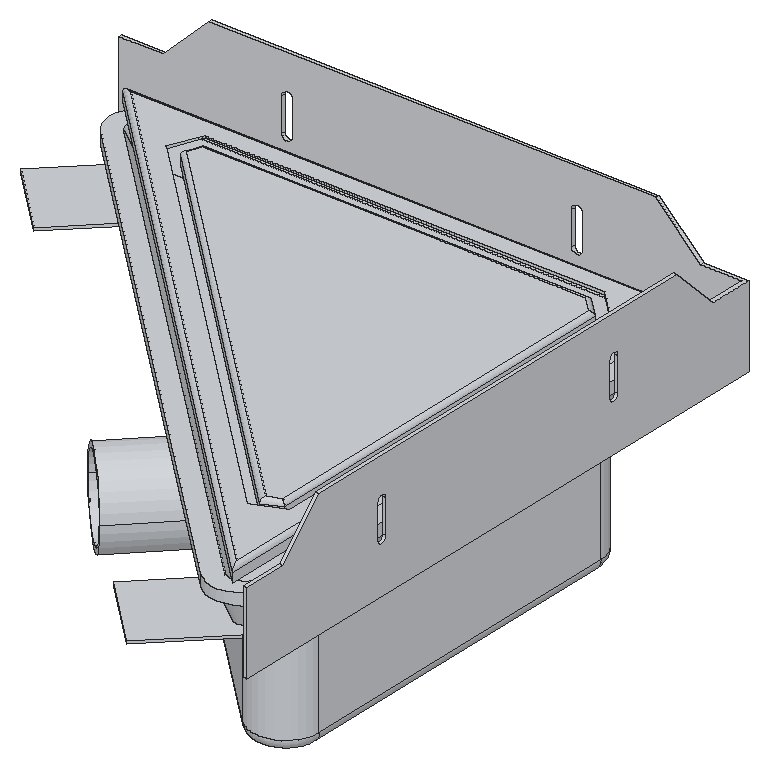
Revit family "S-793", category Aparatos sanitarios, Revit 2015
Parameters (values of type "S-793_40_RHOMBUS")
  WFU = 1
  URL = "http://www.jimten.com/es/producto/370/sumidero-linnum-triangular-sorientable"
  Sello hidráulico = "50 mm"  # constant formula
  Salida = "40H"
  Rejilla = INOX AISI304
  Referencia = "13356"
  Modelo = "S-793"  # constant formula
  Medida = "236mm x 331mm x 236 mm"
  Material = ABS
  Hmin = 6 mm  # constant formula
  Hmax = 16 mm  # constant formula
  H_calculo [instance] = if(H_AlturaRejilla < Hmax, if(H_AlturaRejilla > Hmin, H_AlturaRejilla, Hmin), Hmax)  # 10 mm
  H_AlturaRejilla [instance] = 10 mm
  Fabricante = "Jimten"  # constant formula
  F = 50 mm
  E = 40 mm
  Dmin = 10 mm  # constant formula
  Dmax = 26 mm  # constant formula
  Descripción = "SUMIDERO TRIANGULAR PARA PLATOS DE DUCHA DE OBRA EN ESQUINA, SIFON EXTRAIBLE, SALIDA HORIZONTAL ORIENTABLE, CON REJILLA RHOMBUS, REGULACION DE ALTURA"  # constant formula
  D_calculo [instance] = if(D < Dmax, if(D > Dmin, D, Dmin), Dmax)  # 10 mm
  D [instance] = 10 mm
  Comentarios de tipo = "CON FIJACION A PARED, CON PRENSATELAS PARA LÁMINAS IMPERMEABILIZANTES GEOTEXTILES O DE PVC. CON PROTECCION DE OBRA.  CON REJILLA REGULABLE EN ALTURA."  # constant formula
  Caudal = 0.8 L/s  # constant formula
  Altura total mínima = "98-108mm"  # constant formula
Types (2, lengths in mm): name | Salida | Referencia
  S-793_40-50_RHOMBUS | "40M/50M" | "13357"
  S-793_40_RHOMBUS | "40H" | "13356"
Reference planes
  plane 1 "Center (Front/Back)": y = 0
  plane 2: z = 0
  plane 3 "Center (Left/Right)": x = 0
  plane 4: z = -10
  plane 5: y = -10
  plane 6: x = -10
Dimensions and locks
  "H_calculo": level to plane 4
  "D_calculo": plane 5 to plane 1 "Center (Front/Back)"
  "D_calculo": plane 6 to plane 3 "Center (Left/Right)"
  locked: nested 2 to nested 1 at 9.5
  locked: nested 1 to nested 2 at 9.5
  aligned and locked: level to plane 2
  aligned and locked: plane 4 to nested 1
  aligned and locked: plane 6 to nested 1
  aligned and locked: plane 5 to nested 1
  aligned and locked: plane 1 "Center (Front/Back)" to nested 3
  aligned and locked: plane 3 "Center (Left/Right)" to nested 3
  aligned and locked: nested 3 to nested 1
Nested families
  nested 1: "S-793_Outlet" at (-10, -10, -10), type "S-793_Outlet"
  nested 2: "S-793_RejillaRhombus" at (-10, -10, 0), type "S-793_RejillaRhombus"
  nested 3: "S-793_Fijo" at (0, 0, -29), type "S-793_Fijo"
Connectors
  piping at (-162.514, -162.514, -66.621), diameter 40, driven by "E", driven by "WFU", driven by "Caudal"
    settings: on nested 1, index 1, connector inside diameter 609.6 mm, connector length 0 mm, flow factor 0, pipe flow 0.8 L/s, pressure drop 0.0 Pa, fitting loss kfactor 0, connector angle 0.00°, fixture units 1, engagement length 0 mm, angle of deflection 0.00°, flow configuration 0, flow direction 2, fitting loss method 0, system type 16, joint type 0, gender type 0, connector reference index -1, connector utility 0, adjustable connector yes, is connector primary yes, connector description ""
Definition of nested family "S-793_Outlet"
  Parameters (values of type "S-790_Outlet")
    MaterialOutlet = none
    F = 50 mm
    Eint = E - 5 mm  # 35 mm
    E = 40 mm
    G = 91.778 mm
    C = 394.5 mm
    B = 255 mm
    A = 188 mm
  Reference planes
    plane 1 "Center (Front/Back)": y = 0
    plane 2: z = 0
    plane 3 "Center (Left/Right)": x = 0
    plane 4: z = -91.778
    plane 5 "E2": z = -56.621
    plane 6: x = -255
    plane 7: y = -255
    plane 8 "A1": through (-265.872, -10.872, 1200) normal (0.7071, 0.7071, 0)
    plane 9 "A2": through (-127.339, 116.466, 1200) normal (0.7071, 0.7071, 0)
    plane 10 "E": through (-196.532, -51.928, 1200) normal (0.7071, 0.7071, 0)
    plane 11: through (0, 0, 1200) normal (0.7071, -0.7071, 0)
    plane 12: through (-318.87, 13.842, 1200) normal (0.7071, 0.7071, 0)
  Forms (mm)
    Sweep 1, solid
      path origin (0, 0, 0) x (1, 0, 0) y (0, 1, 0)
        loop
          line (-250.284, -26.46) -> (-26.46, -250.284)
          arc (-26.46, -250.284) -> (-9.568, -253.644) -> (0, -239.324) r 15.5
          line (0, -239.324) -> (0, -18.5)
          arc (0, -18.5) -> (-5.419, -5.419) -> (-18.5, 0) r 18.5
          line (-18.5, 0) -> (-239.324, 0)
          arc (-239.324, 0) -> (-253.644, -9.568) -> (-250.284, -26.46) r 15.5
      profile origin (-138.372, -138.372, 0) x (0.707107, 0.707107, 0) y (0, 0, 1)
        loop
          line (0, 0) -> (0, -5) -> (5, -5) -> (11.133, -19) -> (14.402, -19) -> (14.402, -14) -> (8.268, 0) -> (0, 0)
    Extrusion 2, solid
      sketch origin (0, 0, 0) x (1, 0, 0) y (0, 1, 0)
        loop
          line (-240.101, -16.277) -> (-16.277, -240.101)
          arc (-16.277, -240.101) -> (-15.08, -240.339) -> (-14.402, -239.324) r 1.098
          line (-14.402, -239.324) -> (-14.402, -18.5)
          arc (-14.402, -18.5) -> (-15.602, -15.602) -> (-18.5, -14.402) r 4.098
          line (-18.5, -14.402) -> (-239.324, -14.402)
          arc (-239.324, -14.402) -> (-240.339, -15.08) -> (-240.101, -16.277) r 1.098
        loop
          circle (-80.08, -80.08) r 25
      from -19 to -14
    Sweep 3, solid
      path origin (131.491, -10.422, -19) x (0, -1, 0) y (1, 0, 0)
        loop
          line (9.578, -166.491) -> (9.578, -323.738)
          arc (9.578, -323.738) -> (18.838, -337.596) -> (35.185, -334.344) r 15
          line (35.185, -334.344) -> (192.432, -177.098)
          arc (192.432, -177.098) -> (195.683, -160.751) -> (181.825, -151.491) r 15
          line (181.825, -151.491) -> (24.578, -151.491)
          arc (24.578, -151.491) -> (13.971, -155.884) -> (9.578, -166.491) r 15
      profile origin (-113.623, -20, -19) x (0, -1, 0) y (0, 0, 1)
        loop
          line (0, 0) -> (0, -67.778)
          arc (0, -67.778) -> (1.464, -71.314) -> (5, -72.778) r 5
          line (5, -72.778) -> (5, 0) -> (0, 0)
    Extrusion 4, solid
      sketch origin (0, 0, 0) x (1, 0, 0) y (0, 1, 0)
        loop
          line (-199.318, -42.071) -> (-42.071, -199.318)
          arc (-42.071, -199.318) -> (-31.173, -201.486) -> (-25, -192.247) r 10
          line (-25, -192.247) -> (-25, -35)
          arc (-25, -35) -> (-27.929, -27.929) -> (-35, -25) r 10
          line (-35, -25) -> (-192.247, -25)
          arc (-192.247, -25) -> (-201.486, -31.173) -> (-199.318, -42.071) r 10
      from -91.778 to -86.6
    Extrusion 5, solid
      sketch origin (-105.039, -143.421, 0) x (-0.707107, 0.707107, 0) y (0, 0, 1)
        loop
          circle (27.14, -56.621) r 20
        loop
          circle (27.14, -56.621) r 17.5
      from -40 to 0
    Extrusion 6, void
      sketch origin (-124.23, -124.23, 0) x (-0.707107, 0.707107, 0) y (0, 0, 1)
        loop
          circle (0, -56.621) r 17.5
      from 0 to 5
  Cuts and joins
    joined: Sweep 1, Extrusion 2
    Extrusion 6 cuts Sweep 3
    joined: Sweep 3, Extrusion 4, Extrusion 5
  Dimensions and locks
    "G": level to plane 4
    plane 5 "E2" to plane 4 = 35.157 mm
    "B": plane 6 to plane 3 "Center (Left/Right)"
    "B": plane 7 to plane 1 "Center (Front/Back)"
    "A": plane 9 "A2" to plane 8 "A1"
    plane 8 "A1" to plane 12 = 20 mm
    "Eint": diameter of Extrusion 5 sketch curve
    "E": diameter of Extrusion 5 sketch curve
    aligned and locked: level to plane 2
    aligned and locked: Sweep 1 sketch curve to plane 1 "Center (Front/Back)"
    aligned and locked: plane 3 "Center (Left/Right)" to Sweep 1 sketch curve
    aligned and locked: Sweep 1 sketch curve to plane 8 "A1"
    aligned and locked: Extrusion 2 sketch curve to Sweep 1  (x3)
    aligned and locked: Sweep 1 to Extrusion 2
    aligned and locked: Extrusion 2 to Sweep 1
    aligned and locked: Sweep 3 to plane 4
    aligned and locked: Sweep 3 to cut or joined group of Sweep 1, Extrusion 2
    aligned and locked: Extrusion 4 sketch curve to Sweep 3  (x3)
    aligned and locked: Extrusion 4 to Sweep 3
    aligned and locked: plane 5 "E2" to Extrusion 5 sketch curve
    aligned and locked: Extrusion 6 sketch curve to Extrusion 5
    aligned and locked: Extrusion 5 to plane 12
  Automatic sketch dimensions
    plane 7 to Sweep 1 sketch curve = 15.676 mm
    Sweep 1 sketch curve to plane 3 "Center (Left/Right)" = 18.5 mm
    plane 7 to Sweep 1 sketch curve = 4.716 mm
    plane 6 to Sweep 1 sketch curve = 15.676 mm
    plane 6 to Sweep 1 sketch curve = 4.716 mm
    Sweep 1 sketch curve to profile plane = 0 mm
    Sweep 1 sketch curve to level = 0 mm
    Sweep 1 sketch curve to profile plane = 8.268 mm
    Sweep 1 sketch curve to profile plane = 11.133 mm
    Sweep 1 sketch curve to Sweep 1 sketch curve = 3.268 mm
    Sweep 1 sketch curve to Sweep 1 sketch curve = 5 mm  (x2)
    Sweep 1 sketch curve to Sweep 1 sketch curve = 14 mm
    Sweep 1 sketch curve to profile plane = 5 mm
    Extrusion 2 sketch curve to Extrusion 2 sketch curve = 0.777 mm
    Extrusion 2 sketch curve to plane 3 "Center (Left/Right)" = 80.08 mm
    plane 7 to Extrusion 2 sketch curve = 14.899 mm
    plane 1 "Center (Front/Back)" to Extrusion 2 sketch curve = 80.08 mm
    Sweep 3 sketch curve to Sweep 3 sketch curve = 15 mm
    Sweep 3 sketch curve to Sweep 3 sketch curve = 10.607 mm  (x2)
    Sweep 3 sketch curve to Sweep 3 sketch curve = 157.247 mm  (x3)
    Sweep 3 sketch curve to profile plane = 0 mm  (x2)
    Sweep 3 sketch curve to profile plane = 5 mm
    Sweep 3 sketch curve to profile plane = 67.778 mm
    Extrusion 4 sketch curve to Extrusion 4 sketch curve = 7.071 mm
    plane 1 "Center (Front/Back)" to Extrusion 4 sketch curve = 42.071 mm
    plane 11 to Sweep 3 sketch curve = 0 mm
    Sweep 3 sketch curve to plane 10 "E" = 0 mm  (x2)
    Extrusion 5 sketch curve to Extrusion 5 sketch curve = 0 mm  (x2)
    Extrusion 5 sketch curve to plane 11 = 0 mm
    radius of Extrusion 2 sketch curve = 25 mm
Definition of nested family "S-793_RejillaRhombus"
  Parameters (values of type "S-793_RejillaRhombus")
    MaterialRejilla = none
    K = 169 mm
    J = 331.5 mm
    I = 236 mm
  Reference planes
    plane 1 "Center (Front/Back)": y = 0
    plane 2: z = 0
    plane 3 "Center (Left/Right)": x = 0
    plane 4: x = -255
    plane 5: y = -255
    plane 6 "A1": through (-265.872, -10.872, 1200) normal (0.7071, 0.7071, 0)
    plane 7 "A2": through (-127.339, 116.466, 1200) normal (0.7071, 0.7071, 0)
    plane 8: through (0, 0, 1200) normal (0.7071, -0.7071, 0)
    plane 9: through (-301.281, 37.971, 1200) normal (0.7071, 0.7071, 0)
    plane 10: through (-188.106, 163.799, 1200) normal (0.7071, 0.7071, 0)
    plane 11: y = -9.5
    plane 12: y = -245.5
    plane 13: x = -245.5
    plane 14: x = -9.5
    plane 15 "lineas de modelo": z = 1
  Forms (mm)
    Extrusion 1, solid
      sketch origin (0, 0, 0) x (1, 0, 0) y (0, 1, 0)
        loop
          line (-30.531, -19.5) -> (-209.244, -19.5) -> (-215.226, -33.942) -> (-33.942, -215.226) -> (-19.5, -209.244) -> (-19.5, -30.531) -> (-30.531, -19.5)
        loop
          line (-248.981, -11.5) -> (-11.5, -248.981) -> (-11.5, -11.5) -> (-248.981, -11.5)
      from -1 to 0
    Sweep 2, solid
      path origin (0, 0, 0) x (1, 0, 0) y (0, 1, 0)
        loop
          line (-209.328, -32.768) -> (-32.768, -209.328) -> (-24.5, -205.903) -> (-24.5, -32.602) -> (-32.602, -24.5) -> (-205.903, -24.5) -> (-209.328, -32.768)
      profile origin (-121.048, -121.048, 0) x (0.707107, 0.707107, 0) y (0, 0, 1)
        loop
          line (0, -2) -> (0, -6) -> (2, -6) -> (2, 0)
          arc (2, 0) -> (0.586, -0.586) -> (0, -2) r 2
    Extrusion 3, solid
      sketch origin (0, 0, 0) x (1, 0, 0) y (0, 1, 0)
        loop
          line (-206.969, -32.299) -> (-32.299, -206.969) -> (-26.5, -204.567) -> (-26.5, -33.43) -> (-33.43, -26.5) -> (-204.567, -26.5) -> (-206.969, -32.299)
      from -1 to 0
    Sweep 4, solid
      path origin (-265, 0, 0) x (1, 0, 0) y (0, 1, 0)
        loop
          line (11.191, -9.5) -> (255.5, -253.809) -> (255.5, -9.5) -> (11.191, -9.5)
      profile origin (-131.655, -131.655, 0) x (0.707107, 0.707107, 0) y (0, 0, 1)
        loop
          line (0, -2) -> (0, -6) -> (2, -6) -> (2, 0)
          arc (2, 0) -> (0.586, -0.586) -> (0, -2) r 2
  Cuts and joins
    joined: Extrusion 1, Sweep 4
    joined: Sweep 2, Extrusion 3
  Lines and regions (mm)
    model lines, detail levels medium+fine
      curve 1: line (-162.989, -42.638, 1) -> (-154.989, -42.638, 1)
      curve 2: line (-162.989, -50.638, 1) -> (-162.989, -42.638, 1)
      curve 3: line (-154.989, -50.638, 1) -> (-162.989, -50.638, 1)
      curve 4: line (-154.989, -42.638, 1) -> (-154.989, -50.638, 1)
      curve 5: line (-143.248, -42.638, 1) -> (-135.248, -42.638, 1)
      curve 6: line (-143.248, -50.638, 1) -> (-143.248, -42.638, 1)
      curve 7: line (-135.248, -50.638, 1) -> (-143.248, -50.638, 1)
      curve 8: line (-135.248, -42.638, 1) -> (-135.248, -50.638, 1)
      curve 9: line (-153.119, -52.509, 1) -> (-145.119, -52.509, 1)
      curve 10: line (-153.119, -60.509, 1) -> (-153.119, -52.509, 1)
      curve 11: line (-145.119, -60.509, 1) -> (-153.119, -60.509, 1)
      curve 12: line (-145.119, -52.509, 1) -> (-145.119, -60.509, 1)
      curve 13: line (-143.248, -62.379, 1) -> (-135.248, -62.379, 1)
      curve 14: line (-143.248, -70.379, 1) -> (-143.248, -62.379, 1)
      curve 15: line (-135.248, -70.379, 1) -> (-143.248, -70.379, 1)
      curve 16: line (-135.248, -62.379, 1) -> (-135.248, -70.379, 1)
      curve 17: line (-133.378, -72.25, 1) -> (-125.378, -72.25, 1)
      curve 18: line (-133.378, -80.25, 1) -> (-133.378, -72.25, 1)
      curve 19: line (-125.378, -80.25, 1) -> (-133.378, -80.25, 1)
      curve 20: line (-125.378, -72.25, 1) -> (-125.378, -80.25, 1)
      curve 21: line (-123.507, -82.121, 1) -> (-115.507, -82.121, 1)
      curve 22: line (-123.507, -90.121, 1) -> (-123.507, -82.121, 1)
      curve 23: line (-115.507, -90.121, 1) -> (-123.507, -90.121, 1)
      curve 24: line (-115.507, -82.121, 1) -> (-115.507, -90.121, 1)
      curve 25: line (-113.637, -91.991, 1) -> (-105.637, -91.991, 1)
      curve 26: line (-113.637, -99.991, 1) -> (-113.637, -91.991, 1)
      curve 27: line (-105.637, -99.991, 1) -> (-113.637, -99.991, 1)
      curve 28: line (-105.637, -91.991, 1) -> (-105.637, -99.991, 1)
      curve 29: line (-103.766, -101.862, 1) -> (-95.766, -101.862, 1)
      curve 30: line (-103.766, -109.862, 1) -> (-103.766, -101.862, 1)
      curve 31: line (-95.766, -109.862, 1) -> (-103.766, -109.862, 1)
      curve 32: line (-95.766, -101.862, 1) -> (-95.766, -109.862, 1)
      curve 33: line (-93.896, -111.732, 1) -> (-85.896, -111.732, 1)
      curve 34: line (-93.896, -119.732, 1) -> (-93.896, -111.732, 1)
      curve 35: line (-85.896, -119.732, 1) -> (-93.896, -119.732, 1)
      curve 36: line (-85.896, -111.732, 1) -> (-85.896, -119.732, 1)
      curve 37: line (-84.025, -121.603, 1) -> (-76.025, -121.603, 1)
      curve 38: line (-84.025, -129.603, 1) -> (-84.025, -121.603, 1)
      curve 39: line (-76.025, -129.603, 1) -> (-84.025, -129.603, 1)
      curve 40: line (-76.025, -121.603, 1) -> (-76.025, -129.603, 1)
      curve 41: line (-74.155, -131.473, 1) -> (-66.155, -131.473, 1)
      curve 42: line (-74.155, -139.473, 1) -> (-74.155, -131.473, 1)
      curve 43: line (-66.155, -139.473, 1) -> (-74.155, -139.473, 1)
      curve 44: line (-66.155, -131.473, 1) -> (-66.155, -139.473, 1)
      curve 45: line (-64.284, -141.344, 1) -> (-56.284, -141.344, 1)
      curve 46: line (-64.284, -149.344, 1) -> (-64.284, -141.344, 1)
      curve 47: line (-56.284, -149.344, 1) -> (-64.284, -149.344, 1)
      curve 48: line (-56.284, -141.344, 1) -> (-56.284, -149.344, 1)
      curve 49: line (-54.413, -151.214, 1) -> (-46.413, -151.214, 1)
      curve 50: line (-54.413, -159.214, 1) -> (-54.413, -151.214, 1)
      curve 51: line (-46.413, -159.214, 1) -> (-54.413, -159.214, 1)
      curve 52: line (-46.413, -151.214, 1) -> (-46.413, -159.214, 1)
      curve 53: line (-123.507, -42.638, 1) -> (-115.507, -42.638, 1)
      curve 54: line (-123.507, -50.638, 1) -> (-123.507, -42.638, 1)
      curve 55: line (-115.507, -50.638, 1) -> (-123.507, -50.638, 1)
      curve 56: line (-115.507, -42.638, 1) -> (-115.507, -50.638, 1)
      curve 57: line (-103.766, -42.638, 1) -> (-95.766, -42.638, 1)
      curve 58: line (-103.766, -50.638, 1) -> (-103.766, -42.638, 1)
      curve 59: line (-95.766, -50.638, 1) -> (-103.766, -50.638, 1)
      curve 60: line (-95.766, -42.638, 1) -> (-95.766, -50.638, 1)
      curve 61: line (-84.025, -42.638, 1) -> (-76.025, -42.638, 1)
      curve 62: line (-84.025, -50.638, 1) -> (-84.025, -42.638, 1)
      curve 63: line (-76.025, -50.638, 1) -> (-84.025, -50.638, 1)
      curve 64: line (-76.025, -42.638, 1) -> (-76.025, -50.638, 1)
      curve 65: line (-64.284, -42.638, 1) -> (-56.284, -42.638, 1)
      curve 66: line (-64.284, -50.638, 1) -> (-64.284, -42.638, 1)
      curve 67: line (-56.284, -50.638, 1) -> (-64.284, -50.638, 1)
      curve 68: line (-56.284, -42.638, 1) -> (-56.284, -50.638, 1)
      curve 69: line (-133.378, -52.509, 1) -> (-125.378, -52.509, 1)
      curve 70: line (-133.378, -60.509, 1) -> (-133.378, -52.509, 1)
      curve 71: line (-125.378, -60.509, 1) -> (-133.378, -60.509, 1)
      curve 72: line (-125.378, -52.509, 1) -> (-125.378, -60.509, 1)
      curve 73: line (-54.413, -131.473, 1) -> (-46.413, -131.473, 1)
      curve 74: line (-54.413, -139.473, 1) -> (-54.413, -131.473, 1)
      curve 75: line (-46.413, -139.473, 1) -> (-54.413, -139.473, 1)
      curve 76: line (-46.413, -131.473, 1) -> (-46.413, -139.473, 1)
      curve 77: line (-123.507, -62.379, 1) -> (-115.507, -62.379, 1)
      curve 78: line (-123.507, -70.379, 1) -> (-123.507, -62.379, 1)
      curve 79: line (-115.507, -70.379, 1) -> (-123.507, -70.379, 1)
      curve 80: line (-115.507, -62.379, 1) -> (-115.507, -70.379, 1)
      curve 81: line (-113.637, -72.25, 1) -> (-105.637, -72.25, 1)
      curve 82: line (-113.637, -80.25, 1) -> (-113.637, -72.25, 1)
      curve 83: line (-105.637, -80.25, 1) -> (-113.637, -80.25, 1)
      curve 84: line (-105.637, -72.25, 1) -> (-105.637, -80.25, 1)
      curve 85: line (-103.766, -82.121, 1) -> (-95.766, -82.121, 1)
      curve 86: line (-103.766, -90.121, 1) -> (-103.766, -82.121, 1)
      curve 87: line (-95.766, -90.121, 1) -> (-103.766, -90.121, 1)
      curve 88: line (-95.766, -82.121, 1) -> (-95.766, -90.121, 1)
      curve 89: line (-93.896, -91.991, 1) -> (-85.896, -91.991, 1)
      curve 90: line (-93.896, -99.991, 1) -> (-93.896, -91.991, 1)
      curve 91: line (-85.896, -99.991, 1) -> (-93.896, -99.991, 1)
      curve 92: line (-85.896, -91.991, 1) -> (-85.896, -99.991, 1)
      curve 93: line (-84.025, -101.862, 1) -> (-76.025, -101.862, 1)
      curve 94: line (-84.025, -109.862, 1) -> (-84.025, -101.862, 1)
      curve 95: line (-76.025, -109.862, 1) -> (-84.025, -109.862, 1)
      curve 96: line (-76.025, -101.862, 1) -> (-76.025, -109.862, 1)
      curve 97: line (-74.155, -111.732, 1) -> (-66.155, -111.732, 1)
      curve 98: line (-74.155, -119.732, 1) -> (-74.155, -111.732, 1)
      curve 99: line (-66.155, -119.732, 1) -> (-74.155, -119.732, 1)
      curve 100: line (-66.155, -111.732, 1) -> (-66.155, -119.732, 1)
      curve 101: line (-64.284, -121.603, 1) -> (-56.284, -121.603, 1)
      curve 102: line (-64.284, -129.603, 1) -> (-64.284, -121.603, 1)
      curve 103: line (-56.284, -129.603, 1) -> (-64.284, -129.603, 1)
      curve 104: line (-56.284, -121.603, 1) -> (-56.284, -129.603, 1)
      curve 105: line (-113.637, -52.509, 1) -> (-105.637, -52.509, 1)
      curve 106: line (-113.637, -60.509, 1) -> (-113.637, -52.509, 1)
      curve 107: line (-105.637, -60.509, 1) -> (-113.637, -60.509, 1)
      curve 108: line (-105.637, -52.509, 1) -> (-105.637, -60.509, 1)
      curve 109: line (-93.896, -52.509, 1) -> (-85.896, -52.509, 1)
      curve 110: line (-93.896, -60.509, 1) -> (-93.896, -52.509, 1)
      curve 111: line (-85.896, -60.509, 1) -> (-93.896, -60.509, 1)
      curve 112: line (-85.896, -52.509, 1) -> (-85.896, -60.509, 1)
      curve 113: line (-74.155, -52.509, 1) -> (-66.155, -52.509, 1)
      curve 114: line (-74.155, -60.509, 1) -> (-74.155, -52.509, 1)
      curve 115: line (-66.155, -60.509, 1) -> (-74.155, -60.509, 1)
      curve 116: line (-66.155, -52.509, 1) -> (-66.155, -60.509, 1)
      curve 117: line (-54.413, -52.509, 1) -> (-46.413, -52.509, 1)
      curve 118: line (-54.413, -60.509, 1) -> (-54.413, -52.509, 1)
      curve 119: line (-46.413, -60.509, 1) -> (-54.413, -60.509, 1)
      curve 120: line (-46.413, -52.509, 1) -> (-46.413, -60.509, 1)
      curve 121: line (-103.766, -62.379, 1) -> (-95.766, -62.379, 1)
      curve 122: line (-103.766, -70.379, 1) -> (-103.766, -62.379, 1)
      curve 123: line (-95.766, -70.379, 1) -> (-103.766, -70.379, 1)
      curve 124: line (-95.766, -62.379, 1) -> (-95.766, -70.379, 1)
      curve 125: line (-93.896, -72.25, 1) -> (-85.896, -72.25, 1)
      curve 126: line (-93.896, -80.25, 1) -> (-93.896, -72.25, 1)
      curve 127: line (-85.896, -80.25, 1) -> (-93.896, -80.25, 1)
      curve 128: line (-85.896, -72.25, 1) -> (-85.896, -80.25, 1)
      curve 129: line (-84.025, -82.121, 1) -> (-76.025, -82.121, 1)
      curve 130: line (-84.025, -90.121, 1) -> (-84.025, -82.121, 1)
      curve 131: line (-76.025, -90.121, 1) -> (-84.025, -90.121, 1)
      curve 132: line (-76.025, -82.121, 1) -> (-76.025, -90.121, 1)
      curve 133: line (-74.155, -91.991, 1) -> (-66.155, -91.991, 1)
      curve 134: line (-74.155, -99.991, 1) -> (-74.155, -91.991, 1)
      curve 135: line (-66.155, -99.991, 1) -> (-74.155, -99.991, 1)
      curve 136: line (-66.155, -91.991, 1) -> (-66.155, -99.991, 1)
      curve 137: line (-64.284, -101.862, 1) -> (-56.284, -101.862, 1)
      curve 138: line (-64.284, -109.862, 1) -> (-64.284, -101.862, 1)
      curve 139: line (-56.284, -109.862, 1) -> (-64.284, -109.862, 1)
      curve 140: line (-56.284, -101.862, 1) -> (-56.284, -109.862, 1)
      curve 141: line (-54.413, -111.732, 1) -> (-46.413, -111.732, 1)
      curve 142: line (-54.413, -119.732, 1) -> (-54.413, -111.732, 1)
      curve 143: line (-46.413, -119.732, 1) -> (-54.413, -119.732, 1)
      curve 144: line (-46.413, -111.732, 1) -> (-46.413, -119.732, 1)
      curve 145: line (-84.025, -62.379, 1) -> (-76.025, -62.379, 1)
      curve 146: line (-84.025, -70.379, 1) -> (-84.025, -62.379, 1)
      curve 147: line (-76.025, -70.379, 1) -> (-84.025, -70.379, 1)
      curve 148: line (-76.025, -62.379, 1) -> (-76.025, -70.379, 1)
      curve 149: line (-64.284, -62.379, 1) -> (-56.284, -62.379, 1)
      curve 150: line (-64.284, -70.379, 1) -> (-64.284, -62.379, 1)
      curve 151: line (-56.284, -70.379, 1) -> (-64.284, -70.379, 1)
      curve 152: line (-56.284, -62.379, 1) -> (-56.284, -70.379, 1)
      curve 153: line (-74.155, -72.25, 1) -> (-66.155, -72.25, 1)
      curve 154: line (-74.155, -80.25, 1) -> (-74.155, -72.25, 1)
      curve 155: line (-66.155, -80.25, 1) -> (-74.155, -80.25, 1)
      curve 156: line (-66.155, -72.25, 1) -> (-66.155, -80.25, 1)
      curve 157: line (-54.413, -72.25, 1) -> (-46.413, -72.25, 1)
      curve 158: line (-54.413, -80.25, 1) -> (-54.413, -72.25, 1)
      curve 159: line (-46.413, -80.25, 1) -> (-54.413, -80.25, 1)
      curve 160: line (-46.413, -72.25, 1) -> (-46.413, -80.25, 1)
      curve 161: line (-64.284, -82.121, 1) -> (-56.284, -82.121, 1)
      curve 162: line (-64.284, -90.121, 1) -> (-64.284, -82.121, 1)
      curve 163: line (-56.284, -90.121, 1) -> (-64.284, -90.121, 1)
      curve 164: line (-56.284, -82.121, 1) -> (-56.284, -90.121, 1)
      curve 165: line (-54.413, -91.991, 1) -> (-46.413, -91.991, 1)
      curve 166: line (-54.413, -99.991, 1) -> (-54.413, -91.991, 1)
      curve 167: line (-46.413, -99.991, 1) -> (-54.413, -99.991, 1)
      curve 168: line (-46.413, -91.991, 1) -> (-46.413, -99.991, 1)
  Dimensions and locks
    "K": plane 10 to plane 9
    "I": plane 13 to plane 14
    "I": plane 11 to plane 12
    aligned and locked: level to plane 2
    aligned and locked: level to Extrusion 1
    aligned and locked: Extrusion 3 sketch curve to Sweep 2  (x4)
    aligned and locked: Sweep 2 to Extrusion 3 sketch curve  (x2)
    aligned and locked: Extrusion 1 to Extrusion 3  (x2)
  Automatic sketch dimensions
    plane 13 to Sweep 2 sketch curve = 36.172 mm
    Sweep 2 sketch curve to plane 11 = 15 mm
    Sweep 2 sketch curve to Sweep 2 sketch curve = 3.425 mm  (x2)
    Sweep 2 sketch curve to plane 14 = 23.268 mm
    Sweep 2 sketch curve to plane 14 = 23.102 mm
    Sweep 2 sketch curve to Sweep 2 sketch curve = 8.102 mm  (x2)
    Sweep 2 sketch curve to Sweep 2 sketch curve = 8.268 mm
    plane 12 to Sweep 2 sketch curve = 39.597 mm
    Sweep 2 sketch curve to profile plane = 0 mm
    Sweep 2 sketch curve to level = 0 mm
    Sweep 2 sketch curve to profile plane = 2 mm
    Sweep 2 sketch curve to Sweep 2 sketch curve = 4 mm
    Sweep 4 sketch curve to profile plane = 0 mm
    Sweep 4 sketch curve to level = 0 mm
    Sweep 4 sketch curve to profile plane = 2 mm
    Sweep 4 sketch curve to Sweep 4 sketch curve = 4 mm
    Extrusion 1 sketch curve to plane 8 = 0 mm
    plane 13 to Extrusion 1 sketch curve = 30.274 mm
    Extrusion 1 sketch curve to Extrusion 1 sketch curve = 5.982 mm  (x2)
    Extrusion 1 sketch curve to plane 14 = 24.442 mm
    Extrusion 1 sketch curve to plane 11 = 10 mm
    Extrusion 1 sketch curve to plane 14 = 21.031 mm
    Extrusion 1 sketch curve to plane 14 = 10 mm
    Extrusion 1 sketch curve to plane 14 = 2 mm
    Extrusion 1 sketch curve to Extrusion 1 sketch curve = 11.031 mm
    Extrusion 1 sketch curve to Extrusion 1 sketch curve = 14.442 mm
    plane 12 to Extrusion 1 sketch curve = 36.256 mm
    Extrusion 1 sketch curve to plane 12 = 3.481 mm
    Extrusion 1 sketch curve to plane 13 = 3.481 mm
    Sweep 4 sketch curve to plane 9 = 0 mm  (x2)
    Sweep 4 sketch curve to plane 11 = 0 mm
    plane 8 to Sweep 4 sketch curve = 0 mm
    curve 76 to plane 14 = 36.913 mm
    curve 52 to curve 75 = 0 mm
    curve 160 to curve 165 = 0 mm
    curve 141 to curve 167 = 0 mm
    curve 75 to curve 75 = 8 mm
    curve 119 to curve 119 = 8 mm
    curve 141 to curve 141 = 8 mm
    curve 159 to curve 159 = 8 mm
    curve 51 to curve 51 = 8 mm
    curve 73 to curve 104 = 1.871 mm
    curve 158 to curve 161 = 1.871 mm
    curve 118 to curve 149 = 1.871 mm
    curve 141 to curve 140 = 1.871 mm
    curve 157 to curve 151 = 1.871 mm
    curve 74 to curve 48 = 1.871 mm  (x2)
    curve 117 to curve 68 = 1.871 mm
    curve 165 to curve 164 = 1.871 mm
    curve 65 to curve 65 = 8 mm
    curve 137 to curve 137 = 8 mm
    curve 101 to curve 101 = 8 mm
    curve 45 to curve 45 = 8 mm
    curve 149 to curve 115 = 1.871 mm
    curve 66 to curve 113 = 1.871 mm
    curve 45 to curve 44 = 1.871 mm
    curve 161 to curve 156 = 1.871 mm
    curve 101 to curve 100 = 1.871 mm
    curve 137 to curve 136 = 1.871 mm
    curve 113 to curve 113 = 8 mm
    curve 153 to curve 154 = 8 mm
    curve 99 to curve 98 = 8 mm
    curve 43 to curve 43 = 8 mm
    curve 98 to curve 40 = 1.871 mm  (x2)
    curve 134 to curve 93 = 1.871 mm
    curve 153 to curve 147 = 1.871 mm
    curve 114 to curve 148 = 1.871 mm
    curve 97 to curve 95 = 1.871 mm
    curve 113 to curve 64 = 1.871 mm
    curve 154 to curve 129 = 1.871 mm
    curve 133 to curve 132 = 1.871 mm
    curve 63 to curve 63 = 8 mm
    curve 37 to curve 35 = 1.871 mm
    curve 130 to curve 89 = 1.871 mm
    curve 145 to curve 111 = 1.871 mm
    curve 62 to curve 112 = 1.871 mm
    curve 93 to curve 91 = 1.871 mm
    curve 146 to curve 125 = 1.871 mm
    curve 129 to curve 127 = 1.871 mm
    curve 35 to curve 34 = 8 mm
    curve 125 to curve 126 = 8 mm
    curve 111 to curve 111 = 8 mm
    curve 125 to curve 124 = 1.871 mm
    curve 109 to curve 60 = 1.871 mm
    curve 126 to curve 85 = 1.871 mm
    curve 89 to curve 87 = 1.871 mm
    curve 90 to curve 29 = 1.871 mm
    curve 33 to curve 31 = 1.871 mm
    curve 29 to curve 30 = 8 mm
    curve 87 to curve 87 = 8 mm
    curve 121 to curve 121 = 8 mm
    curve 57 to curve 57 = 8 mm
    curve 121 to curve 108 = 1.871 mm
    curve 86 to curve 28 = 1.871 mm
    curve 85 to curve 84 = 1.871 mm
    curve 105 to curve 105 = 8 mm
    curve 106 to curve 77 = 1.871 mm
    curve 25 to curve 23 = 1.871 mm
    curve 81 to curve 79 = 1.871 mm
    curve 82 to curve 21 = 1.871 mm
    curve 105 to curve 56 = 1.871 mm
    curve 53 to curve 54 = 8 mm  (x2)
    curve 21 to curve 21 = 8 mm
    curve 77 to curve 72 = 1.871 mm
    curve 21 to curve 19 = 1.871 mm
    curve 78 to curve 20 = 1.871 mm  (x2)
    curve 69 to curve 70 = 8 mm
    curve 19 to curve 19 = 8 mm
    curve 17 to curve 16 = 1.871 mm
    curve 69 to curve 8 = 1.871 mm
    curve 15 to curve 14 = 8 mm
    curve 7 to curve 6 = 8 mm
    curve 6 to curve 9 = 1.871 mm  (x2)
    curve 11 to curve 11 = 8 mm
    curve 9 to curve 4 = 1.871 mm
    curve 3 to curve 2 = 8 mm
    curve 53 to plane 11 = 33.138 mm
    curve 53 to curve 57 = 0 mm
    curve 1 to curve 5 = 0 mm
    curve 57 to curve 61 = 0 mm
    curve 61 to curve 65 = 0 mm
    curve 5 to curve 6 = 8 mm
    curve 57 to curve 58 = 8 mm
    curve 58 to curve 105 = 1.871 mm
    curve 3 to curve 10 = 1.871 mm
    curve 7 to curve 69 = 1.871 mm
    curve 59 to curve 109 = 1.871 mm
    curve 67 to curve 118 = 1.871 mm
    curve 66 to curve 116 = 1.871 mm
    curve 63 to curve 114 = 1.871 mm
    curve 69 to curve 71 = 8 mm
    curve 109 to curve 111 = 8 mm
    curve 113 to curve 115 = 8 mm
    curve 117 to curve 119 = 8 mm
    curve 9 to curve 11 = 8 mm
    curve 105 to curve 107 = 8 mm
    curve 115 to curve 149 = 1.871 mm
    curve 110 to curve 124 = 1.871 mm
    curve 70 to curve 13 = 1.871 mm
    curve 111 to curve 145 = 1.871 mm
    curve 71 to curve 77 = 1.871 mm
    curve 13 to curve 15 = 8 mm
    curve 149 to curve 152 = 8 mm
    curve 121 to curve 122 = 8 mm
    curve 145 to curve 146 = 8 mm
    curve 147 to curve 154 = 1.871 mm
    curve 150 to curve 156 = 1.871 mm
    curve 15 to curve 18 = 1.871 mm
    curve 123 to curve 125 = 1.871 mm
    curve 122 to curve 84 = 1.871 mm
    curve 79 to curve 82 = 1.871 mm
    curve 151 to curve 157 = 1.871 mm
    curve 157 to curve 158 = 8 mm
    curve 17 to curve 20 = 8 mm
    curve 153 to curve 155 = 8 mm
    curve 126 to curve 88 = 1.871 mm
    curve 83 to curve 86 = 1.871 mm
    curve 155 to curve 161 = 1.871 mm
    curve 82 to curve 24 = 1.871 mm
    curve 19 to curve 22 = 1.871 mm
    curve 127 to curve 129 = 1.871 mm
    curve 129 to curve 130 = 8 mm
    curve 21 to curve 24 = 8 mm
    curve 161 to curve 163 = 8 mm
    curve 23 to curve 25 = 1.871 mm
    curve 162 to curve 133 = 1.871 mm
    curve 163 to curve 165 = 1.871 mm
    curve 130 to curve 92 = 1.871 mm
    curve 87 to curve 90 = 1.871 mm
    curve 89 to curve 90 = 8 mm
    curve 133 to curve 136 = 8 mm
    curve 165 to curve 166 = 8 mm
    curve 135 to curve 137 = 1.871 mm
    curve 90 to curve 32 = 1.871 mm
    curve 27 to curve 30 = 1.871 mm
    curve 91 to curve 93 = 1.871 mm
    curve 137 to curve 139 = 8 mm
    curve 29 to curve 32 = 8 mm
    curve 94 to curve 36 = 1.871 mm
    curve 31 to curve 34 = 1.871 mm
    curve 139 to curve 144 = 1.871 mm
    curve 95 to curve 98 = 1.871 mm
    curve 33 to curve 34 = 8 mm
    curve 99 to curve 102 = 1.871 mm
    curve 142 to curve 104 = 1.871 mm
    curve 35 to curve 38 = 1.871 mm
    curve 101 to curve 103 = 8 mm
    curve 39 to curve 42 = 1.871 mm
    curve 102 to curve 44 = 1.871 mm
    curve 103 to curve 74 = 1.871 mm
    curve 73 to curve 75 = 8 mm
    curve 43 to curve 45 = 1.871 mm
    curve 45 to curve 47 = 8 mm
    curve 47 to curve 52 = 1.871 mm
    curve 49 to curve 51 = 8 mm
Definition of nested family "S-793_Fijo"
  Parameters (values of type "S-790_Fijo")
    WFU = 1
    Material = none
  Reference planes
    plane 1 "Center (Front/Back)": y = 0
    plane 2: z = 0
    plane 3 "Center (Left/Right)": x = 0
    plane 4: z = -1.5
    plane 5: z = 55
  Forms (mm)
    Extrusion 1, solid
      sketch origin (0, 0, 0) x (1, 0, 0) y (0, 1, 0)
        loop
          line (-280, 0) -> (-280, -1.5) -> (-267.088, -1.5) -> (-258.661, -19.519) -> (-287.071, -47.929) -> (-257.224, -77.776) -> (-208.949, -29.5) -> (-40.531, -29.5) -> (-29.5, -40.531) -> (-29.5, -208.949) -> (-77.776, -257.224) -> (-47.929, -287.071) -> (-19.519, -258.661) -> (-1.5, -267.088) -> (-1.5, -280) -> (0, -280) -> (0, 0) -> (-280, 0)
      from -1.5 to 0
    Extrusion 2, solid
      sketch origin (0, 0, 0) x (1, 0, 0) y (0, 1, 0)
        loop
          line (-280, 0) -> (-280, -1.5) -> (-1.5, -1.5) -> (-1.5, -280) -> (0, -280) -> (0, 0) -> (-280, 0)
      from 0 to 55
    Extrusion 3, void
      sketch origin (0, 0, 0) x (1, 0, 0) y (0, 0, 1)
        loop
          line (-207.298, 36.892) -> (-207.298, 21.892)
          arc (-207.298, 21.892) -> (-204.798, 19.392) -> (-202.298, 21.892) r 2.5
          line (-202.298, 21.892) -> (-202.298, 36.892)
          arc (-202.298, 36.892) -> (-204.798, 39.392) -> (-207.298, 36.892) r 2.5
        loop
          line (-280, 35) -> (-260, 35) -> (-240, 55) -> (-280, 55) -> (-280, 35)
        loop
          arc (-72.702, 36.892) -> (-75.202, 39.392) -> (-77.702, 36.892) r 2.5
          line (-77.702, 36.892) -> (-77.702, 21.892)
          arc (-77.702, 21.892) -> (-75.202, 19.392) -> (-72.702, 21.892) r 2.5
          line (-72.702, 21.892) -> (-72.702, 36.892)
        loop
          line (0, 35) -> (0, 55) -> (-40, 55) -> (-20, 35) -> (0, 35)
      from 0 to 1.5
    Extrusion 4, void
      sketch origin (0, 0, 0) x (0, 1, 0) y (0, 0, 1)
        loop
          arc (-72.702, 36.892) -> (-75.202, 39.392) -> (-77.702, 36.892) r 2.5
          line (-77.702, 36.892) -> (-77.702, 21.892)
          arc (-77.702, 21.892) -> (-75.202, 19.392) -> (-72.702, 21.892) r 2.5
          line (-72.702, 21.892) -> (-72.702, 36.892)
        loop
          line (0, 35) -> (0, 55) -> (-40, 55) -> (-20, 35) -> (0, 35)
        loop
          line (-207.298, 36.892) -> (-207.298, 21.892)
          arc (-207.298, 21.892) -> (-204.798, 19.392) -> (-202.298, 21.892) r 2.5
          line (-202.298, 21.892) -> (-202.298, 36.892)
          arc (-202.298, 36.892) -> (-204.798, 39.392) -> (-207.298, 36.892) r 2.5
        loop
          line (-280, 35) -> (-260, 35) -> (-240, 55) -> (-280, 55) -> (-280, 35)
      from -1.5 to 0
  Cuts and joins
    Extrusion 3, Extrusion 4 cuts Extrusion 2
    joined: Extrusion 1, Extrusion 2
  Dimensions and locks
    locked: level to plane 4 at 1.5
    locked: plane 5 to level at 55
    locked: level to plane 5 at 55
    locked: plane 4 to plane 2 at 1.5
    aligned and locked: level to plane 2
    aligned and locked: Extrusion 1 to plane 4
    aligned and locked: Extrusion 2 sketch curve to Extrusion 1
    aligned and locked: plane 1 "Center (Front/Back)" to Extrusion 2 sketch curve
    aligned and locked: Extrusion 3 to plane 1 "Center (Front/Back)"
    aligned and locked: Extrusion 2 to Extrusion 3
    aligned and locked: Extrusion 2 to Extrusion 4
    aligned and locked: plane 3 "Center (Left/Right)" to Extrusion 4
    aligned and locked: plane 5 to cut or joined group of Extrusion 1, Extrusion 2, Extrusion 3, Extrusion 4
    aligned and locked: cut or joined group of Extrusion 1, Extrusion 2, Extrusion 3, Extrusion 4 to plane 5
    aligned and locked: cut or joined group of Extrusion 1, Extrusion 2, Extrusion 3, Extrusion 4 to plane 4
